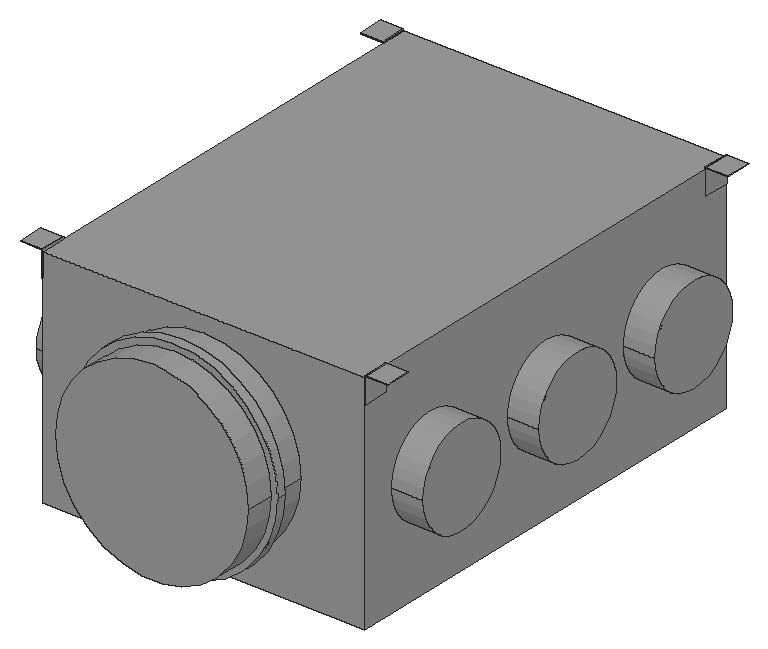
Revit family "FASU(F8-150 300Φ)", category ダクト付属品, Revit 2021
Family settings
  丸型コネクタ寸法 = 直径を使用
  パーツ タイプ = ダンパー
  OmniClass 番号 = 23.75.00.00
  OmniClass タイトル = Climate Control (HVAC)
  作業面ベース = いいえ
  常に垂直 = はい
  ロード時にボイドで切り取り = いいえ
  共有 = いいえ
Parameters
  高さ = 350 mm
  風量 = 0.0 L/s
  符号 = "FASU"
  形式 = "F8-150 300φ"
  幅 [instance] = 500 mm
  奥行き = 700 mm
  大きさ = 250 mm
  呼称 = "FASUチャンバー"
  付属品_下端レベル [instance] = 0 mm
  マテリアル [instance] = 既定値
  ダクト_イン = 300 mm
  ダクト_アウト = 150 mm
  既定の高さ = 0 mm
Reference planes
  plane 1 "中心(正面/背面)": y = 0
  plane 2: z = 0
  plane 3 "中心(左/右)": x = 0
  plane 4: x = -250
  plane 5: x = 250
  plane 6: y = -700
  plane 7: z = 350
  plane 8: z = 175
  plane 9: z = 266.963
  plane 10: z = 86.159
  plane 11: x = -251
  plane 12: z = 313.122
  plane 13: z = 352.122
  plane 14: y = -350
Forms (mm)
  Extrusion 1, solid, material "既定値" <- "マテリアル"
    sketch origin (0, 0, 0) x (1, 0, 0) y (0, 1, 0)
      loop
        line (-250, 0) -> (-250, -700) -> (250, -700) -> (250, 0) -> (-250, 0)
    from 0 to 350
  Extrusion 2, solid, material "既定値" <- "マテリアル"
    sketch origin (0, -30, 0) x (1, 0, 0) y (0, 1, 0)
      loop
        line (-250, 30) -> (-251, 30) -> (-251, -10) -> (-250, -10) -> (-250, 30)
    from 313.122 to 350
  Extrusion 3, solid, material "既定値" <- "マテリアル"
    sketch origin (0, -30, 0) x (1, 0, 0) y (0, 1, 0)
      loop
        line (-285, 30) -> (-285, -10) -> (-251, -10) -> (-251, 30) -> (-285, 30)
    from 352.122 to 350
  Extrusion 4, solid, material "既定値" <- "マテリアル"
    sketch origin (0, -30, 0) x (-1, 0, 0) y (0, -1, 0)
      loop
        line (-250, -30) -> (-250, 10) -> (-251, 10) -> (-251, -30) -> (-250, -30)
    from 313.122 to 353.122
  Extrusion 5, solid, material "既定値" <- "マテリアル"
    sketch origin (0, -30, 0) x (-1, 0, 0) y (0, -1, 0)
      loop
        line (-285, -30) -> (-251, -30) -> (-251, 10) -> (-285, 10) -> (-285, -30)
    from 352.122 to 353.122
  Extrusion 6, solid, material "既定値" <- "マテリアル"
    sketch origin (0, -490, 0) x (1, 0, 0) y (0, 1, 0)
      loop
        line (-285, -170) -> (-285, -210) -> (-251, -210) -> (-251, -170) -> (-285, -170)
    from 352.122 to 353.122
  Extrusion 7, solid, material "既定値" <- "マテリアル"
    sketch origin (0, -490, 0) x (1, 0, 0) y (0, 1, 0)
      loop
        line (-250, -170) -> (-251, -170) -> (-251, -210) -> (-250, -210) -> (-250, -170)
    from 313.122 to 353.122
  Extrusion 8, solid, material "既定値" <- "マテリアル"
    sketch origin (0, -490, 0) x (-1, 0, 0) y (0, -1, 0)
      loop
        line (-285, 170) -> (-251, 170) -> (-251, 210) -> (-285, 210) -> (-285, 170)
    from 352.122 to 353.122
  Extrusion 9, solid, material "既定値" <- "マテリアル"
    sketch origin (0, -490, 0) x (-1, 0, 0) y (0, -1, 0)
      loop
        line (-250, 170) -> (-250, 210) -> (-251, 210) -> (-251, 170) -> (-250, 170)
    from 313.122 to 353.122
  Extrusion 10, solid, material "既定値" <- "マテリアル"
    sketch origin (550, -582.5, 0) x (0, -1, 0) y (0, 0, -1)
      loop
        circle (-232.5, -175) r 74.985
    from -300 to -250
  Extrusion 11, solid, material "既定値" <- "マテリアル"
    sketch origin (-550, -582.5, 0) x (0, -1, 0) y (0, 0, 1)
      loop
        circle (-232.5, 175) r 74.985
    from -300 to -250
  Extrusion 12, solid, material "既定値" <- "マテリアル"
    sketch origin (0, -700, 0) x (1, 0, 0) y (0, 0, 1)
      loop
        circle (0, 175) r 150
    from 0 to 42.5
  Extrusion 13, solid, material "既定値" <- "マテリアル"
    sketch origin (0, -743, 0) x (1, 0, 0) y (0, 0, 1)
      loop
        circle (0, 175) r 160
    from -0.5 to 14.5
  Extrusion 14, solid, material "既定値" <- "マテリアル"
    sketch origin (0, -757.5, 0) x (1, 0, 0) y (0, 0, 1)
      loop
        circle (0, 175) r 150
    from 0 to 42.5
  Extrusion 15, solid, material "既定値" <- "マテリアル"
    sketch origin (550, -357.5, 0) x (0, -1, 0) y (0, 0, -1)
      loop
        circle (-232.5, -175) r 74.985
    from -300 to -250
  Extrusion 16, solid, material "既定値" <- "マテリアル"
    sketch origin (-550, -357.5, 0) x (0, -1, 0) y (0, 0, 1)
      loop
        circle (-232.5, 175) r 74.985
    from -300 to -250
  Extrusion 17, solid, material "既定値" <- "マテリアル"
    sketch origin (550, -142.5, 0) x (0, 1, 0) y (0, 0, 1)
      loop
        circle (-432.5, 175) r 74.985
    from -300 to -250
  Extrusion 18, solid, material "既定値" <- "マテリアル"
    sketch origin (0, -142.5, 0) x (0, 1, 0) y (0, 0, 1)
      loop
        circle (-432.5, 175) r 74.985
    from -300 to -250
  Extrusion 19, solid, material "既定値" <- "マテリアル"
    sketch origin (345.5, 300, 0) x (1, 0, 0) y (0, 0, -1)
      loop
        circle (-232.5, -175) r 74.985
    from -300 to -250
  Extrusion 20, solid, material "既定値" <- "マテリアル"
    sketch origin (-345.5, 300, 0) x (-1, 0, 0) y (0, 0, 1)
      loop
        circle (-232.5, 175) r 74.985
    from -300 to -250
Lines and regions (mm)
  model lines
    curve 1: line (-250, -30, 0) -> (250, -30, 0)
    curve 2: line (-250, -670, 0) -> (250, -670, 0)
Text (mm)
  text "FASU(F8-150 300Φ)" at (3.713, -630.412, 0), in view "参照レベル"
Dimensions and locks
  equal spacing: plane 4, plane 3 "中心(左/右)", plane 5
  "幅": plane 4 to plane 5
  "奥行き": plane 6 to plane 1 "中心(正面/背面)"
  "高さ": plane 7 to level
  equal spacing: plane 7, plane 8, level
  equal spacing: plane 6, plane 14, plane 1 "中心(正面/背面)"
  aligned and locked: level to plane 2
  aligned and locked: Extrusion 1 sketch curve to plane 5
  aligned and locked: plane 7 to Extrusion 1
  aligned and locked: Extrusion 2 sketch curve to Extrusion 1
  aligned and locked: plane 7 to Extrusion 2
  aligned and locked: Extrusion 3 sketch curve to Extrusion 2
  aligned and locked: Extrusion 2 to Extrusion 3 sketch curve
  aligned and locked: plane 7 to Extrusion 3
  aligned and locked: Extrusion 3 to plane 13
  aligned and locked: Extrusion 4 to Extrusion 5 sketch curve
  aligned and locked: Extrusion 5 sketch curve to Extrusion 4
  aligned and locked: Extrusion 1 to Extrusion 8
  aligned and locked: Extrusion 6 to Extrusion 1
  aligned and locked: Extrusion 7 to Extrusion 1
  aligned and locked: Extrusion 1 to Extrusion 9
  aligned and locked: Extrusion 9 to Extrusion 8
  aligned and locked: Extrusion 7 to Extrusion 6
  aligned and locked: plane 4 to Extrusion 7
  aligned and locked: Extrusion 9 to plane 5
  aligned and locked: plane 4 to curve 1
  aligned and locked: plane 5 to curve 1
  aligned and locked: plane 5 to curve 2
  aligned and locked: Extrusion 1 to Extrusion 3
  aligned and locked: Extrusion 5 to Extrusion 1
  aligned and locked: Extrusion 4 to plane 5
  aligned and locked: Extrusion 1 to plane 6
  aligned and locked: Extrusion 1 to plane 1 "中心(正面/背面)"
  aligned and locked: plane 6 to Extrusion 12
  aligned and locked: Extrusion 15 to plane 5
  aligned and locked: plane 4 to Extrusion 16
  aligned and locked: Extrusion 17 to plane 5
  aligned and locked: plane 4 to Extrusion 18
  aligned and locked: plane 1 "中心(正面/背面)" to Extrusion 19
  aligned and locked: plane 1 "中心(正面/背面)" to Extrusion 20
Automatic sketch dimensions
  curve 2 to plane 4 = 0 mm
  plane 6 to curve 2 = 30 mm
  plane 1 "中心(正面/背面)" to curve 1 = 30 mm
  Extrusion 1 sketch curve to plane 4 = 0 mm
  Extrusion 1 sketch curve to plane 6 = 0 mm
  plane 1 "中心(正面/背面)" to Extrusion 1 sketch curve = 0 mm
  plane 1 "中心(正面/背面)" to Extrusion 2 sketch curve = 0 mm
  Extrusion 2 sketch curve to plane 11 = 0 mm
  Extrusion 2 sketch curve to Extrusion 2 sketch curve = 40 mm
  plane 1 "中心(正面/背面)" to Extrusion 3 sketch curve = 0 mm
  Extrusion 3 sketch curve to Extrusion 3 sketch curve = 34 mm
  plane 1 "中心(正面/背面)" to Extrusion 4 sketch curve = 0 mm
  Extrusion 4 sketch curve to plane 5 = 0 mm
  Extrusion 4 sketch curve to Extrusion 4 sketch curve = 1 mm
  Extrusion 4 sketch curve to Extrusion 4 sketch curve = 40 mm
  plane 1 "中心(正面/背面)" to Extrusion 5 sketch curve = 0 mm
  Extrusion 5 sketch curve to Extrusion 5 sketch curve = 34 mm
  Extrusion 6 sketch curve to plane 6 = 0 mm
  Extrusion 6 sketch curve to plane 11 = 0 mm
  Extrusion 6 sketch curve to plane 11 = 34 mm
  plane 6 to Extrusion 6 sketch curve = 40 mm
  Extrusion 7 sketch curve to plane 11 = 0 mm
  Extrusion 7 sketch curve to plane 4 = 0 mm
  Extrusion 7 sketch curve to plane 6 = 0 mm
  plane 6 to Extrusion 7 sketch curve = 40 mm
  Extrusion 8 sketch curve to plane 6 = 0 mm
  Extrusion 8 sketch curve to plane 5 = 35 mm
  Extrusion 8 sketch curve to plane 5 = 1 mm
  Extrusion 8 sketch curve to Extrusion 8 sketch curve = 40 mm
  Extrusion 9 sketch curve to plane 6 = 0 mm
  Extrusion 9 sketch curve to plane 5 = 0 mm
  Extrusion 9 sketch curve to Extrusion 9 sketch curve = 1 mm
  Extrusion 9 sketch curve to Extrusion 9 sketch curve = 40 mm
  Extrusion 10 sketch curve to plane 8 = 0 mm
  Extrusion 10 sketch curve to plane 14 = 0 mm
  Extrusion 11 sketch curve to plane 8 = 0 mm
  Extrusion 11 sketch curve to plane 14 = 0 mm
  Extrusion 12 sketch curve to plane 3 "中心(左/右)" = 0 mm
  Extrusion 12 sketch curve to plane 8 = 0 mm
  Extrusion 13 sketch curve to plane 3 "中心(左/右)" = 0 mm
  Extrusion 13 sketch curve to plane 8 = 0 mm
  Extrusion 14 sketch curve to plane 3 "中心(左/右)" = 0 mm
  Extrusion 14 sketch curve to plane 8 = 0 mm
  Extrusion 15 sketch curve to plane 8 = 0 mm
  plane 1 "中心(正面/背面)" to Extrusion 15 sketch curve = 125 mm
  Extrusion 16 sketch curve to plane 8 = 0 mm
  plane 1 "中心(正面/背面)" to Extrusion 16 sketch curve = 125 mm
  Extrusion 17 sketch curve to plane 8 = 0 mm
  plane 6 to Extrusion 17 sketch curve = 125 mm
  Extrusion 18 sketch curve to plane 8 = 0 mm
  plane 6 to Extrusion 18 sketch curve = 125 mm
  Extrusion 19 sketch curve to plane 8 = 0 mm
  plane 3 "中心(左/右)" to Extrusion 19 sketch curve = 113 mm
  Extrusion 20 sketch curve to plane 8 = 0 mm
  Extrusion 20 sketch curve to plane 3 "中心(左/右)" = 113 mm
  radius of Extrusion 10 sketch curve = 74.985 mm
  radius of Extrusion 11 sketch curve = 74.985 mm
  radius of Extrusion 12 sketch curve = 150 mm
  radius of Extrusion 13 sketch curve = 160 mm
  radius of Extrusion 14 sketch curve = 150 mm
  radius of Extrusion 15 sketch curve = 74.985 mm
  radius of Extrusion 16 sketch curve = 74.985 mm
  radius of Extrusion 17 sketch curve = 74.985 mm
  radius of Extrusion 18 sketch curve = 74.985 mm
  radius of Extrusion 19 sketch curve = 74.985 mm
  radius of Extrusion 20 sketch curve = 74.985 mm
Connectors
  hvac at (-300, -575, 175), driven by "ダクト_アウト"
    settings: on Extrusion 18, index 1, duct flow 0.0 L/s, flow factor 0, pres drop 0.0 Pa, loss coef 0, conn angle 0.00°, conn width 304.8 mm, conn height 304.8 mm, conn diameter 150 mm, duct sys type 29, conn prof type 0, flow config 0, flow direction 2, loss method 0, conn ref index -1, conn util no, is conn primary yes, conn desc ""
  hvac at (-300, -350, 175), driven by "ダクト_アウト"
    settings: on Extrusion 11, index 2, duct flow 0.0 L/s, flow factor 0, pres drop 0.0 Pa, loss coef 0, conn angle 0.00°, conn width 304.8 mm, conn height 304.8 mm, conn diameter 150 mm, duct sys type 29, conn prof type 0, flow config 0, flow direction 2, loss method 0, conn ref index -1, conn util no, is conn primary no, conn desc ""
  hvac at (-300, -125, 175), driven by "ダクト_アウト"
    settings: on Extrusion 16, index 3, duct flow 0.0 L/s, flow factor 0, pres drop 0.0 Pa, loss coef 0, conn angle 0.00°, conn width 304.8 mm, conn height 304.8 mm, conn diameter 150 mm, duct sys type 29, conn prof type 0, flow config 0, flow direction 2, loss method 0, conn ref index -1, conn util no, is conn primary no, conn desc ""
  hvac at (-113, 50, 175), driven by "ダクト_アウト"
    settings: on Extrusion 20, index 4, duct flow 0.0 L/s, flow factor 0, pres drop 0.0 Pa, loss coef 0, conn angle 0.00°, conn width 304.8 mm, conn height 304.8 mm, conn diameter 150 mm, duct sys type 29, conn prof type 0, flow config 0, flow direction 2, loss method 0, conn ref index -1, conn util no, is conn primary no, conn desc ""
  hvac at (113, 50, 175), driven by "ダクト_アウト"
    settings: on Extrusion 19, index 5, duct flow 0.0 L/s, flow factor 0, pres drop 0.0 Pa, loss coef 0, conn angle 0.00°, conn width 304.8 mm, conn height 304.8 mm, conn diameter 150 mm, duct sys type 29, conn prof type 0, flow config 0, flow direction 2, loss method 0, conn ref index -1, conn util no, is conn primary no, conn desc ""
  hvac at (300, -125, 175), driven by "ダクト_アウト"
    settings: on Extrusion 15, index 6, duct flow 0.0 L/s, flow factor 0, pres drop 0.0 Pa, loss coef 0, conn angle 0.00°, conn width 304.8 mm, conn height 304.8 mm, conn diameter 150 mm, duct sys type 29, conn prof type 0, flow config 0, flow direction 2, loss method 0, conn ref index -1, conn util no, is conn primary no, conn desc ""
  hvac at (300, -350, 175), driven by "ダクト_アウト"
    settings: on Extrusion 10, index 7, duct flow 0.0 L/s, flow factor 0, pres drop 0.0 Pa, loss coef 0, conn angle 0.00°, conn width 304.8 mm, conn height 304.8 mm, conn diameter 150 mm, duct sys type 29, conn prof type 0, flow config 0, flow direction 2, loss method 0, conn ref index -1, conn util no, is conn primary no, conn desc ""
  hvac at (300, -575, 175), driven by "ダクト_アウト"
    settings: on Extrusion 17, index 8, duct flow 0.0 L/s, flow factor 0, pres drop 0.0 Pa, loss coef 0, conn angle 0.00°, conn width 304.8 mm, conn height 304.8 mm, conn diameter 150 mm, duct sys type 29, conn prof type 0, flow config 0, flow direction 2, loss method 0, conn ref index -1, conn util no, is conn primary no, conn desc ""
  hvac at (0, -800, 175), driven by "ダクト_イン"
    settings: on Extrusion 14, index 9, duct flow 0.0 L/s, flow factor 0, pres drop 0.0 Pa, loss coef 0, conn angle 0.00°, conn width 304.8 mm, conn height 304.8 mm, conn diameter 300 mm, duct sys type 1, conn prof type 0, flow config 0, flow direction 1, loss method 0, conn ref index -1, conn util no, is conn primary no, conn desc ""
